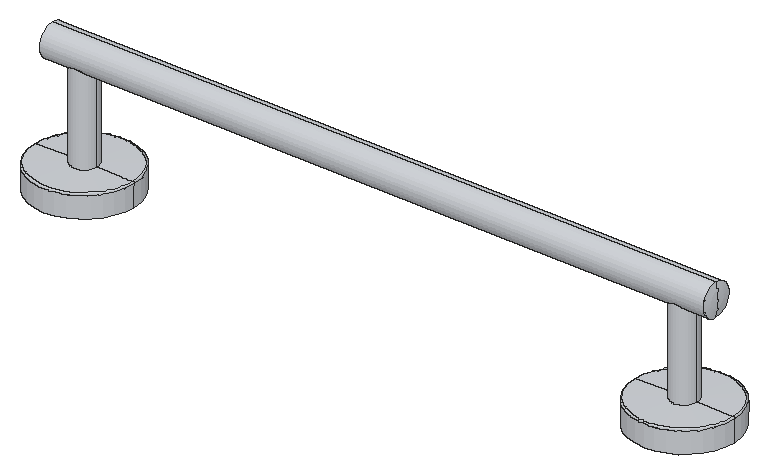
Revit family "Accessory-Towel_Bar-KOHLER-Elate-K-27288", category Specialty Equipment, host Face, Revit 2015
Parameters (values of type "CP-Polished Chrome")
  Width = 2 3/4"  # constant formula
  WaterSense Certified = 1 = 0  # no
  URL = "https://www.us.kohler.com/us/"
  Type = 1
  Product Page URL = "http://www.us.kohler.com/us/catalog/productDetails.jsp?productNumber=27288"
  Product Name = "Elate"  # constant formula
  Product Documentation Link = "https://www.us.kohler.com/webassets/kpna/catalog/pdf/en/K-27288_spec.pdf"
  Model = if(Type = 1, "K-27288-CP", if(Type = 2, "K-27288-BN", "NA"))  # "K-27288-CP"
  Material = "Premium Metal Construction"  # constant formula
  MasterFormat 2004 = "10.28.13"  # constant formula
  MasterFormat 1995 = "10820"  # constant formula
  Manufacturer Address = "444 Highland Dr, Kohler, WI 53044"  # constant formula
  Manufacturer = "KOHLER Co."  # constant formula
  Length = 12"  # constant formula
  Height = 2"  # constant formula
  Finish = Kohler-Metal-CP-Polished_Chrome
  Environmental Product Declaration = ""
  Description = "12 inch Towel Bar\r"  # constant formula
  Default Elevation = 42"
  Declare Label = ""
  Date Modified = "02/18/2019"  # constant formula
  Date Created = "02/18/2019"  # constant formula
  Copyright = "Copyright KOHLER Co."  # constant formula
  Contact Us = "https://www.us.kohler.com/us/static/contact.jsp"
  Assembly Code = "C1030200"
  ADA Compliant = 1 = 0  # no
Types (3): name | Type | Model | Finish
  (no name) | 1 | "K-27288-CP" | Kohler-Metal-CP-Polished_Chrome
  CP-Polished Chrome | 1 | "K-27288-CP" | Kohler-Metal-CP-Polished_Chrome
  BN-Vibrant Brushed Nickel | 2 | "K-27288-BN" | Kohler-Metal-BN-Vibrant_Brushed_Nickel
Reference planes (in)
  plane 1 "Center (Front/Back)": y = 0
  plane 2: z = 0
  plane 3 "Center (Left/Right)": x = 0
  plane 4: x = -6
  plane 5: y = 1
  plane 6: y = -1
  plane 7: x = -7
  plane 8: x = -5
  plane 9: x = 7
  plane 10: x = 6
  plane 11: x = 5
  plane 12: z = 2.75
  plane 13: z = 2.43504
Dimensions and locks (in)
  "Length": plane 4 to plane 10
  "Height": plane 5 to plane 6
  "Width": plane 12 to plane 2
  locked: plane 7 to plane 8 at 2
  locked: plane 11 to plane 9 at 2
  aligned and locked: host face to plane 2
  aligned and locked: host face to level
Automatic sketch dimensions
  host sketch curve to host sketch curve = 96"  (x2)
Nested families (in)
  nested 1: "K-27288" at (0, 0, 0), type "K-27288"
Definition of nested family "K-27288"
  Parameters (values of type "K-27288")
    Material = none
  Reference planes (in)
    plane 1 "Center (Front/Back)": y = 0
    plane 2: z = 0
    plane 3 "Center (Left/Right)": x = 0
    plane 4: x = -6
    plane 5: x = 6
    plane 6: x = -7
    plane 7: x = -5
    plane 8: x = 5
    plane 9: x = 7
    plane 10: y = 1
    plane 11: y = -1
    plane 12: z = 2.75
  Forms (in)
    Revolve 1, solid, material <- "Material", detail levels medium+fine
      sketch origin (0, 0, 0) x (1, 0, 0) y (0, 0, 1)
        loop
          line (-6, 0) -> (-5, 0) -> (-5, 0.42204)
          arc (-5, 0.42204) -> (-5.00879, 0.44366) -> (-5.03018, 0.45301) r 0.03098
          arc (-5.03018, 0.45301) -> (-5.38711, 0.46055) -> (-5.74409, 0.46457) r 36.13958
          line (-5.74409, 0.46457) -> (-5.74409, 2.46457) -> (-6, 2.46457) -> (-6, 0)
        axis (-6, 2.46457) -> (-6, 0)
      angle from 0 to 360
    Revolve 2, solid, material <- "Material", detail levels medium+fine
      sketch origin (0, 0, 0) x (-1, 0, 0) y (0, 0, 1)
        loop
          line (-6, 0) -> (-5, 0) -> (-5, 0.42204)
          arc (-5, 0.42204) -> (-5.00879, 0.44366) -> (-5.03018, 0.45301) r 0.03098
          arc (-5.03018, 0.45301) -> (-5.38711, 0.46055) -> (-5.74409, 0.46457) r 36.13958
          line (-5.74409, 0.46457) -> (-5.74409, 2.46457) -> (-6, 2.46457) -> (-6, 0)
        axis (-6, 2.46457) -> (-6, 0)
      angle from 0 to 360
    Revolve 3, solid, material <- "Material", detail levels medium+fine
      sketch origin (0, 0, 0) x (1, 0, 0) y (0, 0, 1)
        loop
          line (-6.66932, 2.43504) -> (6.66932, 2.43504)
          arc (6.66932, 2.43504) -> (6.66017, 2.59357) -> (6.63282, 2.75) r 1.37692
          line (6.63282, 2.75) -> (-6.63282, 2.75)
          arc (-6.63282, 2.75) -> (-6.66017, 2.59357) -> (-6.66932, 2.43504) r 1.37692
        axis (6.66932, 2.43504) -> (-6.66932, 2.43504)
      angle from 0 to 360
    Revolve 4, solid, material <- "Material", detail levels coarse
      sketch origin (0, 0, 0) x (1, 0, 0) y (0, 0, 1)
        loop
          line (-6, 0) -> (-5, 0) -> (-5, 0.58174) -> (-5.68585, 0.58174) -> (-5.68585, 2.5) -> (-6, 2.5) -> (-6, 0)
        axis (-6, 2.5) -> (-6, 0)
      angle from 0 to 360
    Revolve 5, solid, material <- "Material", detail levels coarse
      sketch origin (0, 0, 0) x (-1, 0, 0) y (0, 0, 1)
        loop
          line (-6, 0) -> (-5, 0) -> (-5, 0.58174) -> (-5.68585, 0.58174) -> (-5.68585, 2.5) -> (-6, 2.5) -> (-6, 0)
        axis (-6, 2.5) -> (-6, 0)
      angle from 0 to 360
    Extrusion 6, solid, material <- "Material", detail levels coarse
      sketch origin (0, 0, 0) x (0, 1, 0) y (0, 0, 1)
        loop
          circle (0, 2.38792) r 0.36208
      from -6.63282 to 6.63282
  Cuts and joins
    joined: Revolve 1, Revolve 2, Revolve 3
    joined: Revolve 4, Revolve 5, Extrusion 6
  Lines and regions (in)
    Masking region 1
      outline origin (0, 0, 0) x (1, 0, 0) y (0, 0, 1)
        loop
          line (7, 0) -> (7, 0.42204)
          arc (7, 0.42204) -> (6.99121, 0.44366) -> (6.96982, 0.45301) r 0.03098
          arc (6.96982, 0.45301) -> (6.61289, 0.46055) -> (6.25591, 0.46457) r 36.13958
          line (6.25591, 0.46457) -> (6.25591, 2.12008) -> (6.63282, 2.12008)
          arc (6.63282, 2.12008) -> (6.66992, 2.43504) -> (6.63282, 2.75) r 1.35545
          line (6.63282, 2.75) -> (-6.63282, 2.75)
          arc (-6.63282, 2.75) -> (-6.66992, 2.43504) -> (-6.63282, 2.12008) r 1.35545
          line (-6.63282, 2.12008) -> (-6.25591, 2.12008) -> (-6.25591, 0.46457)
          arc (-6.25591, 0.46457) -> (-6.61289, 0.46055) -> (-6.96982, 0.45301) r 36.13958
          arc (-6.96982, 0.45301) -> (-6.99121, 0.44366) -> (-7, 0.42204) r 0.03098
          line (-7, 0.42204) -> (-7, 0) -> (-5, 0) -> (-5, 0.42204)
          arc (-5, 0.42204) -> (-5.00879, 0.44366) -> (-5.03018, 0.45301) r 0.03098
          arc (-5.03018, 0.45301) -> (-5.38711, 0.46055) -> (-5.74409, 0.46457) r 36.13958
          line (-5.74409, 0.46457) -> (-5.74409, 2.12008) -> (5.74409, 2.12008) -> (5.74409, 0.46457)
          arc (5.74409, 0.46457) -> (5.38711, 0.46055) -> (5.03018, 0.45301) r 36.13958
          arc (5.03018, 0.45301) -> (5.00879, 0.44366) -> (5, 0.42204) r 0.03098
          line (5, 0.42204) -> (5, 0) -> (7, 0)
    Masking region 2
      outline origin (0, 0, 0) x (0, 1, 0) y (0, 0, 1)
        loop
          line (1, 0) -> (1, 0.42204)
          arc (1, 0.42204) -> (0.99121, 0.44366) -> (0.96982, 0.45301) r 0.03098
          arc (0.96982, 0.45301) -> (0.61289, 0.46055) -> (0.25591, 0.46457) r 36.13958
          line (0.25591, 0.46457) -> (0.25591, 2.25143)
          arc (0.25591, 2.25143) -> (0.28021, 2.57886) -> (0, 2.75) r 0.31496
          arc (0, 2.75) -> (-0.28021, 2.57886) -> (-0.25591, 2.25143) r 0.31496
          line (-0.25591, 2.25143) -> (-0.25591, 0.46457)
          arc (-0.25591, 0.46457) -> (-0.61289, 0.46055) -> (-0.96982, 0.45301) r 36.13958
          arc (-0.96982, 0.45301) -> (-0.99121, 0.44366) -> (-1, 0.42204) r 0.03098
          line (-1, 0.42204) -> (-1, 0) -> (1, 0)
    Masking region 3
      outline origin (0, 0, 0) x (1, 0, 0) y (0, 1, 0)
        loop
          arc (-7, 0) -> (-6.70711, -0.70711) -> (-6, -1) r 1
          arc (-6, -1) -> (-5.41475, -0.81085) -> (-5.0509, -0.31496) r 1
          line (-5.0509, -0.31496) -> (5.0509, -0.31496)
          arc (5.0509, -0.31496) -> (5.41475, -0.81085) -> (6, -1) r 1
          arc (6, -1) -> (6.70711, -0.70711) -> (7, 0) r 1
          arc (7, 0) -> (6.70711, 0.70711) -> (6, 1) r 1
          arc (6, 1) -> (5.41475, 0.81085) -> (5.0509, 0.31496) r 1
          line (5.0509, 0.31496) -> (-5.0509, 0.31496)
          arc (-5.0509, 0.31496) -> (-5.41475, 0.81085) -> (-6, 1) r 1
          arc (-6, 1) -> (-6.70711, 0.70711) -> (-7, 0) r 1
    symbolic lines, detail levels medium+fine
      curve 1: line (6.25591, 0, 0.46457) -> (5.74409, 0, 0.46457)
      curve 2: arc (6.0953, 0, 2.22714) -> (6.04902, 0, 2.24429) -> (6, 0, 2.25012) r 0.20917
      curve 3: line (6.63282, 0, 2.75) -> (6.63282, 0, 2.12008)
      curve 4: line (-6.63282, 0, 2.75) -> (-6.63282, 0, 2.12008)
      curve 5: arc (-5.88561, 0, 2.22156) -> (-5.94066, 0, 2.24514) -> (-6, 0, 2.2532) r 0.22265
      curve 6: arc (5.9047, 0, 2.22714) -> (5.95098, 0, 2.24429) -> (6, 0, 2.25012) r 0.20917
      curve 7: arc (-6.11439, 0, 2.22156) -> (-6.05934, 0, 2.24514) -> (-6, 0, 2.2532) r 0.22265
      curve 8: arc (6.25591, 0, 2.12008) -> (6.17868, 0, 2.17823) -> (6.0953, 0, 2.22714) r 0.84166
      curve 9: arc (5.74409, 0, 2.12008) -> (5.82132, 0, 2.17823) -> (5.9047, 0, 2.22714) r 0.84166
      curve 10: arc (-5.74409, 0, 2.12008) -> (-5.81276, 0, 2.17374) -> (-5.88561, 0, 2.22156) r 1.05593
      curve 11: arc (-6.25591, 0, 2.12008) -> (-6.18724, 0, 2.17374) -> (-6.11439, 0, 2.22156) r 1.05593
      curve 12: line (0, 0.25591, 0.46457) -> (0, -0.25591, 0.46457)
      curve 13: arc (0, 0.25591, 2.25143) -> (0, 0, 2.12008) -> (0, -0.25591, 2.25143) r 0.31496
      curve 14: line (-5.0509, 0.31496, 0) -> (-6.63282, 0.31496, 0)
      curve 15: line (-5.0509, -0.31496, 0) -> (-6.63282, -0.31496, 0)
      curve 16: arc (-6.63282, 0.31496, 0) -> (-6.66971, 0, 0) -> (-6.63282, -0.31496, 0) r 1.36296
      curve 17: line (-6.63282, 0.31496, 0) -> (-6.63282, -0.31496, 0)
      curve 18: arc (6.63282, 0.31496, 0) -> (6.66971, 0, 0) -> (6.63282, -0.31496, 0) r 1.36296
      curve 19: line (6.63282, 0.31496, 0) -> (6.63282, -0.31496, 0)
      curve 20: line (5.0509, 0.31496, 0) -> (6.63282, 0.31496, 0)
      curve 21: line (5.0509, -0.31496, 0) -> (6.63282, -0.31496, 0)
  Dimensions and locks (in)
    locked: plane 10 to plane 11 at 2
    locked: plane 6 to plane 7 at 2
    locked: plane 4 to plane 5 at 12
    locked: plane 12 to plane 2 at 2.75
    aligned and locked: plane 2 to level
